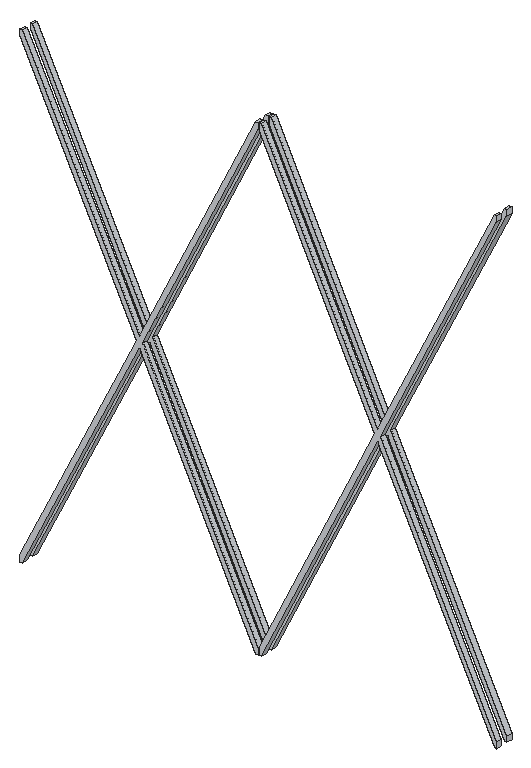
Revit family "M_Padrão do montante_diamante_1x2", category Modelos genéricos, Revit 2019
Family settings
  Pode hospedar o vergalhão = Não
  Cota do conector redondo = Utilizar diâmetro
  Tipo de parte = Normal
  Com base no plano de trabalho = Não
  Sempre na vertical = Sim
  Corte com vazios quando carregada = Não
  Compartilhado = Sim
  Ponto de cálculo do ambiente = Não
Parameters
  Largura [instance] = 1200 mm
  Espessura = 12.7 mm
  Altura [instance] = 1200 mm
  Material interior [instance] = none
  Material externo [instance] = none
  Distância = 19.05 mm
Reference planes
  plane 1 "Centro (Frente/Trás)": y = 0
  plane 2: z = 0
  plane 3 "Centro (Esquerda/Direita)": x = 0
  plane 4: z = 1200
  plane 5: x = -600
  plane 6: x = 600
  plane 7: z = 600
Dimensions and locks
  equal spacing: plane 6, plane 3 "Centro (Esquerda/Direita)", plane 5
  "Largura": plane 6 to plane 5
  "Altura": plane 4 to plane 2
  equal spacing: plane 4, plane 7, plane 2
  aligned and locked: plane 2 to level
  aligned and locked: plane 1 "Centro (Frente/Trás)" to nested 1
  aligned and locked: plane 1 "Centro (Frente/Trás)" to nested 2
  aligned and locked: plane 4 to nested 1
  aligned and locked: plane 4 to nested 2
  aligned and locked: plane 2 to nested 1
  aligned and locked: plane 2 to nested 2
  aligned and locked: plane 5 to nested 1
  aligned and locked: plane 6 to nested 2
  aligned and locked: plane 3 "Centro (Esquerda/Direita)" to nested 2
  aligned and locked: plane 3 "Centro (Esquerda/Direita)" to nested 1
Nested families
  nested 1: "M_Padrão do montante_diamante" at (-300, 0, 0), Material externo <- "Material externo", Material interior <- "Material interior", type "M_Padrão do montante_diamante"
    with W 600 mm, Material interior none, H 1200 mm, Material externo none
  nested 2: "M_Padrão do montante_diamante" at (300, 0, 0), Material externo <- "Material externo", Material interior <- "Material interior", type "M_Padrão do montante_diamante"
    with W 600 mm, Material interior none, H 1200 mm, Material externo none
Definition of nested family "M_Padrão do montante_diamante"
  Parameters (values of type "M_Padrão do montante_diamante")
    W [instance] = 1200 mm
    Espessura = 12.7 mm
    H [instance] = 1200 mm
    Material interior [instance] = none
    Distância = 19.05 mm
    Material externo [instance] = none
  Reference planes
    plane 1 "Centro (Frente/Trás)": y = 0
    plane 2: z = 0
    plane 3 "Centro (Esquerda/Direita)": x = 0
    plane 4: z = 1200
    plane 5: x = -600
    plane 6: x = 600
    plane 7: z = 600
    plane 8: y = 9.525
    plane 9: y = -9.525
    plane 10: y = 22.225
    plane 11: y = -22.225
  Forms (mm)
    Extrusion 1, solid, material <- "Material externo", detail levels fine
      sketch origin (-600, 0, 1200) x (0.707107, 0, -0.707107) y (0.707107, 0, 0.707107)
        loop
          line (0, 6.35) -> (0, -6.35) -> (1697.056, -6.35) -> (1697.056, 6.35) -> (0, 6.35)
      from -22.225 to -9.525
    Extrusion 2, solid, material <- "Material externo", detail levels fine
      sketch origin (600, 0, 1200) x (-0.707107, 0, -0.707107) y (0.707107, 0, -0.707107)
        loop
          line (1697.056, 6.35) -> (0, 6.35) -> (0, -6.35) -> (1697.056, -6.35) -> (1697.056, 6.35)
      from -22.225 to -9.525
    Extrusion 3, void
      sketch origin (0, 0, 0) x (1, 0, 0) y (0, 0, 1)
        loop
          line (-600, 1200) -> (-600, 0) -> (600, 0) -> (600, 1200) -> (-600, 1200)
        loop
          line (-612.7, 1212.7) -> (-612.7, -12.7) -> (612.7, -12.7) -> (612.7, 1212.7) -> (-612.7, 1212.7)
      from -22.225 to 22.225
    Extrusion 4, solid, material <- "Material interior", detail levels fine
      sketch origin (-600, 0, 1200) x (0.707107, 0, -0.707107) y (0.707107, 0, 0.707107)
        loop
          line (0, 6.35) -> (0, -6.35) -> (1697.056, -6.35) -> (1697.056, 6.35) -> (0, 6.35)
      from 9.525 to 22.225
    Extrusion 5, solid, material <- "Material interior", detail levels fine
      sketch origin (600, 0, 1200) x (-0.707107, 0, -0.707107) y (0.707107, 0, -0.707107)
        loop
          line (0, -6.35) -> (1697.056, -6.35) -> (1697.056, 6.35) -> (0, 6.35) -> (0, -6.35)
      from 9.525 to 22.225
  Cuts and joins
    Extrusion 3 cuts Extrusion 1
    Extrusion 3 cuts Extrusion 2
    joined: Extrusion 1, Extrusion 2
    Extrusion 3 cuts Extrusion 4
    Extrusion 3 cuts Extrusion 5
    joined: Extrusion 4, Extrusion 5
  Lines and regions (mm)
    reference lines
      curve 1: line (-600, 0, 1200) -> (600, 0, 0)
      curve 2: line (600, 0, 1200) -> (-600, 0, 0)
      curve 3: line (-600, 0, 1200) -> (-447.336, 0, 1352.664)
      curve 4: line (600, 0, 0) -> (793.076, 0, 193.076)
      curve 5: line (-529.006, 0, 1120.026) -> (416.643, 0, 174.377)
      curve 6: line (-520.026, 0, 1129.006) -> (425.623, 0, 183.357)
      curve 7: line (600, 0, 1200) -> (469.786, 0, 1330.214)
      curve 8: line (-600, 0, 0) -> (-707.763, 0, 107.763)
      curve 9: line (-595.51, 0, -4.49) -> (557.214, 0, 1148.233)
      curve 10: line (-604.49, 0, 4.49) -> (548.233, 0, 1157.214)
    model lines, detail levels medium
      curve 11: line (600, 9.525, 0) -> (-600, 9.525, 1200)
      curve 12: line (600, 9.525, 1200) -> (-600, 9.525, 0)
      curve 13: line (600, -9.525, 0) -> (-600, -9.525, 1200)
      curve 14: line (600, -9.525, 1200) -> (-600, -9.525, 0)
  Dimensions and locks
    equal spacing: plane 6, plane 3 "Centro (Esquerda/Direita)", plane 5
    "W": plane 6 to plane 5
    "H": plane 4 to plane 2
    equal spacing: plane 4, plane 7, plane 2
    equal spacing: curve 5, curve 1, curve 6
    "Espessura": curve 5 to curve 6
    equal spacing: curve 9, curve 2, curve 10
    "Espessura": curve 9 to curve 10
    "Espessura": Extrusion 3 sketch curve to plane 6
    "Espessura": plane 2 to Extrusion 3 sketch curve
    "Espessura": plane 5 to Extrusion 3 sketch curve
    "Espessura": Extrusion 3 sketch curve to plane 4
    "Distância": plane 8 to plane 9
    equal spacing: plane 8, plane 1 "Centro (Frente/Trás)", plane 9
    "Espessura": plane 10 to plane 8
    "Espessura": plane 9 to plane 11
    locked: curve 1 to curve 3 (angle 90.00°)
    locked: curve 4 to curve 1 (angle 90.00°)
    locked: curve 7 to curve 2 (angle 90.00°)
    locked: curve 2 to curve 8 (angle 90.00°)
    aligned and locked: plane 2 to level
    aligned and locked: plane 4 to curve 1
    aligned and locked: plane 5 to curve 1
    aligned and locked: plane 2 to curve 2
    aligned and locked: plane 5 to curve 2
    aligned and locked: plane 6 to curve 1
    aligned and locked: plane 2 to curve 1
    aligned and locked: plane 6 to curve 2
    aligned and locked: plane 4 to curve 2
    aligned and locked: plane 4 to curve 3
    aligned and locked: plane 5 to curve 3
    aligned and locked: plane 6 to curve 4
    aligned and locked: plane 2 to curve 4
    aligned and locked: Extrusion 1 sketch curve to curve 5
    aligned and locked: Extrusion 1 sketch curve to curve 3
    aligned and locked: Extrusion 1 sketch curve to curve 6
    aligned and locked: curve 6 to Extrusion 1 sketch curve
    aligned and locked: curve 5 to Extrusion 1 sketch curve
    aligned and locked: Extrusion 1 sketch curve to curve 4
    aligned and locked: curve 4 to Extrusion 1 sketch curve
    aligned and locked: plane 5 to curve 8
    aligned and locked: plane 2 to curve 8
    aligned and locked: plane 6 to curve 7
    aligned and locked: plane 4 to curve 7
    aligned and locked: Extrusion 2 sketch curve to curve 10  (x2)
    aligned and locked: Extrusion 2 sketch curve to curve 8  (x2)
    aligned and locked: curve 9 to Extrusion 2 sketch curve  (x2)
    aligned and locked: curve 7 to Extrusion 2 sketch curve
    aligned and locked: plane 5 to Extrusion 3 sketch curve
    aligned and locked: Extrusion 3 sketch curve to plane 4
    aligned and locked: Extrusion 3 sketch curve to plane 6
    aligned and locked: plane 2 to Extrusion 3 sketch curve
    aligned and locked: plane 10 to cut or joined group of Extrusion 1, Extrusion 2, Extrusion 3  (x2)
    aligned and locked: cut or joined group of Extrusion 1, Extrusion 2, Extrusion 3 to plane 8  (x2)
    aligned and locked: plane 10 to Extrusion 3
    aligned and locked: Extrusion 3 to plane 11
    aligned and locked: curve 3 to Extrusion 4 sketch curve
    aligned and locked: Extrusion 4 sketch curve to curve 3
    aligned and locked: Extrusion 4 sketch curve to curve 6
    aligned and locked: Extrusion 4 sketch curve to curve 5
    aligned and locked: Extrusion 4 sketch curve to curve 4
    aligned and locked: curve 6 to Extrusion 4 sketch curve
    aligned and locked: curve 5 to Extrusion 4 sketch curve
    aligned and locked: Extrusion 5 sketch curve to curve 9
    aligned and locked: Extrusion 5 sketch curve to curve 10
    aligned and locked: Extrusion 5 sketch curve to curve 7  (x2)
    aligned and locked: Extrusion 5 sketch curve to curve 8  (x2)
    aligned and locked: curve 9 to Extrusion 5 sketch curve
    aligned and locked: curve 10 to Extrusion 5 sketch curve
    aligned and locked: Extrusion 4 to plane 11
    aligned and locked: Extrusion 5 to plane 11
    aligned and locked: plane 9 to Extrusion 4
    aligned and locked: plane 9 to Extrusion 5
    aligned and locked: plane 2 to curve 11
    aligned and locked: plane 6 to curve 11
    aligned and locked: plane 5 to curve 11
    aligned and locked: plane 4 to curve 11
    aligned and locked: plane 5 to curve 12
    aligned and locked: plane 2 to curve 12
    aligned and locked: plane 4 to curve 12
    aligned and locked: plane 6 to curve 12
    aligned and locked: plane 2 to curve 13
    aligned and locked: plane 6 to curve 13
    aligned and locked: plane 4 to curve 14
    aligned and locked: plane 6 to curve 14
    aligned and locked: plane 4 to curve 13
    aligned and locked: plane 5 to curve 13
    aligned and locked: plane 2 to curve 14
    aligned and locked: plane 5 to curve 14
  Automatic sketch dimensions
    curve 1 to curve 6 = 106.751 mm
    curve 1 to curve 5 = 106.751 mm
    curve 5 to curve 1 = 252.956 mm
    curve 6 to curve 5 = 0 mm
    curve 2 to curve 9 = 0 mm
    curve 2 to curve 9 = 66.859 mm
    curve 2 to curve 10 = 66.859 mm
